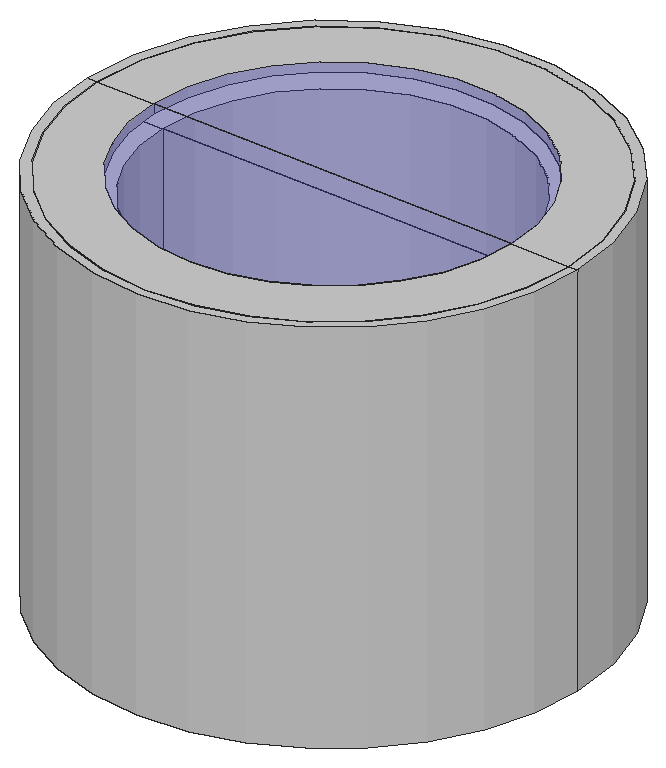
Revit family "77852_HOST_FACE", category Lighting Fixtures, host Face, Revit 2015 (continued)
Types (5): name | Wattage | built-in parameter 1150134 | Photometric Web File | built-in parameter 1150142 | Model | built-in parameter 1150105 | Lumens | Lamp | built-in parameter 1150107 | built-in parameter 1150106 | Description | Default Elevation
    5 1.47 1.59 1.71 1.83 1.95 2.09 2.23 2.49 2.78 3.49 4.25 5.08 5.91 6.79 7.67 8.61 9.55 10.53 11.51 12.51 13.51 14.53 15.54 16.57 17.58 18.60 19.61 20.61 21.60 22.74 23.74 24.65 25.58 26.46 27.35 28.22 28.91 29.65 30.37 31.07 31.74 32.33 \r\n32.90 33.42 33.90 34.34 34.75 35.10 35.41 35.63 35.82 35.96 36.07 36.11 36.12 36.05 35.98 35.91 35.84 35.71 35.54 35.27 34.98 34.63 34.28 33.90 33.52 33.12 32.00\r\n0.99 1.14 1.29 1.44 1.59 1.74 1.89 2.04 2.19 2.35 2.71 3.36 4.04 4.85 5.71 6.63 7.56 8.52 9.49 10.52 11.56 12.61 13.74 14.93 16.11 17.29 18.45 19.62 20.77 21.90 23.01 24.10 25.15 26.24 27.30 28.20 29.06 29.95 30.80 31.59 32.34 33.04 33.71 34.35 34.94 \r\n35.46 35.94 36.35 36.73 37.04 37.32 37.58 37.81 37.95 38.05 38.10 38.10 38.03 37.92 37.74 37.53 37.23 36.90 36.60 36.33 35.96 35.58 35.13 34.68 34.21 33.72 33.22 32.00\r\n0.99 1.17 1.35 1.53 1.71 1.89 2.07 2.24 2.48 3.13 3.78 4.52 5.30 6.20 7.15 8.16 9.18 10.26 11.52 12.80 14.09 15.38 16.65 17.92 19.17 20.43 21.68 22.93 24.16 25.36 26.52 27.65 28.75 29.86 31.02 31.79 32.54 33.47 34.39 35.09 35.82 36.49 37.13 37.73 38.27 \r\n38.73 39.14 39.49 39.79 40.02 40.20 40.34 40.42 40.42 40.36 40.24 40.12 39.95 39.72 39.43 39.09 38.68 38.22 37.71 37.15 36.65 36.17 35.63 35.08 34.50 33.92 33.32 32.00\r\n0.99 1.20 1.40 1.61 1.83 2.03 2.24 2.59 3.34 4.09 4.84 5.67 6.55 7.52 8.65 9.87 11.27 12.68 14.03 15.39 16.78 18.15 19.53 20.89 22.22 23.56 24.91 26.24 27.53 28.79 30.00 31.18 32.30 33.42 34.48 35.40 36.26 37.13 37.96 38.73 39.44 40.08 40.67 41.21 41.68 \r\n42.06 42.39 42.65 42.85 43.00 43.08 43.12 43.09 43.00 42.83 42.60 42.30 41.93 41.60 41.12 40.66 40.12 39.54 38.89 38.19 37.40 36.75 36.12 35.47 34.80 34.12 33.42 32.00\r\n0.99 1.23 1.46 1.70 1.94 2.18 2.47 3.33 4.18 5.03 5.89 6.80 7.77 9.04 10.46 11.90 13.50 15.08 16.52 17.94 19.44 20.92 22.42 23.88 25.30 26.72 28.15 29.54 30.89 32.20 33.47 34.69 35.85 36.97 38.14 39.05 39.97 40.85 41.74 42.39 43.09 43.69 44.24 44.74 45.14\r\n 45.46 45.70 45.88 45.99 46.04 46.02 45.93 45.77 45.58 45.29 44.94 44.52 44.03 43.48 42.87 42.21 41.56 40.84 40.07 39.23 38.31 37.36 36.60 35.86 35.09 34.31 33.51 32.00\r\n0.99 1.26 1.52 1.78 2.05 2.32 3.10 4.06 5.01 5.96 6.92 7.98 9.38 10.79 12.33 13.87 15.66 17.48 18.98 20.51 22.13 23.70 25.29 26.84 28.36 29.85 31.35 32.79 34.18 35.53 36.83 38.06 39.23 40.36 41.44 42.48 43.46 44.31 45.09 45.83 46.49 47.07 47.60 48.09 \r\n48.47 48.76 48.98 49.11 49.13 49.09 48.98 48.81 48.52 48.19 47.76 47.31 46.72 46.12 45.43 44.70 43.87 43.00 42.13 41.23 40.26 39.21 38.13 37.08 36.24 35.38 34.50 33.61 32.00\r\n0.99 1.28 1.57 1.87 2.17 2.65 3.71 4.78 5.83 6.88 8.05 9.48 11.01 12.51 14.17 15.93 17.80 19.71 21.41 23.07 24.78 26.45 28.13 29.76 31.36 32.91 34.47 35.96 37.41 38.80 40.14 41.40 42.59 43.74 44.85 45.96 46.95 47.82 48.55 49.24 49.86 50.40 50.89 51.33 \r\n51.64 51.86 52.02 52.11 52.10 52.04 51.91 51.67 51.26 50.79 50.24 49.63 48.93 48.32 47.37 46.51 45.54 44.53 43.43 42.38 41.27 40.10 38.89 37.63 36.62 35.66 34.69 33.70 32.00\r\n0.99 1.31 1.63 1.95 2.27 3.15 4.32 5.48 6.63 7.84 9.41 10.96 12.61 14.24 16.05 17.96 19.98 21.94 23.78 25.74 27.40 29.17 30.93 32.64 34.32 35.95 37.56 39.08 40.55 41.95 43.31 44.60 45.81 46.98 48.10 49.15 50.12 50.95 51.70 52.39 53.00 53.53 54.00 54.43 \r\n54.72 54.93 55.07 55.09 54.98 54.81 54.58 54.28 53.87 53.51 52.69 51.95 51.13 50.25 49.29 48.28 47.18 46.04 44.80 43.54 42.26 40.97 39.63 38.25 36.98 35.93 34.87 33.79 32.00\r\n0.99 1.34 1.68 2.03 2.38 3.64 4.91 6.17 7.42 9.05 10.75 12.43 14.18 16.04 18.04 20.09 22.15 24.17 26.11 28.06 29.96 31.85 33.69 35.58 37.18 38.82 40.43 42.00 43.52 44.97 46.39 47.73 48.99 50.19 51.34 52.41 53.29 54.14 54.84 55.51 56.09 56.59 57.02 57.38 \r\n57.60 57.76 57.85 57.86 57.76 57.65 57.24 56.81 56.30 55.70 55.04 54.25 53.31 52.29 51.20 50.04 48.81 47.52 46.15 44.74 43.24 41.83 40.36 38.86 37.36 36.20 35.05 33.88 32.00\r\n0.99 1.36 1.73 2.10 2.75 4.12 5.49 6.84 8.41 10.23 12.05 13.86 15.81 17.90 19.99 22.17 24.29 26.37 28.42 30.48 32.48 34.45 36.29 38.10 39.85 41.57 43.25 44.89 46.45 47.92 49.34 50.69 51.94 53.14 54.28 55.30 56.22 57.03 57.77 58.44 59.01 59.50 59.91 60.24 \r\n60.46 60.57 60.59 60.50 60.33 60.06 59.73 59.30 58.71 58.00 57.23 56.36 55.43 54.29 53.08 51.77 50.41 48.97 47.47 45.91 44.26 42.67 41.07 39.46 37.81 36.47 35.23 33.97 32.00\r\n0.99 1.39 1.78 2.18 3.12 4.59 6.05 7.57 9.44 11.38 13.32 15.33 17.49 19.72 21.91 24.17 26.33 28.52 30.69 32.85 34.85 36.84 38.76 40.65 42.48 44.26 45.96 47.63 49.22 50.75 52.19 53.55 54.83 56.04 57.20 58.27 59.14 60.00 60.69 61.35 61.89 62.33 62.71 62.98 \r\n63.13 63.21 63.20 63.09 62.89 62.51 62.07 61.53 60.94 60.28 59.39 58.40 57.35 56.21 54.93 53.48 52.00 50.40 48.77 47.06 45.28 43.56 41.77 40.04 38.27 36.73 35.40 34.06 32.00\r\n0.99 1.41 1.83 2.25 3.49 5.04 6.59 8.34 10.43 12.50 14.69 16.86 19.14 21.49 23.78 26.05 28.32 30.60 32.86 35.01 37.12 39.18 41.32 43.13 45.01 46.84 48.60 50.33 51.97 53.51 54.94 56.29 57.57 58.77 59.95 60.98 61.89 62.69 63.41 64.05 64.57 65.00 65.38 65.65\r\n 65.80 65.81 65.73 65.53 65.25 64.87 64.48 63.75 63.06 62.31 61.45 60.42 59.23 57.98 56.66 55.16 53.53 51.80 50.16 48.17 46.27 44.33 42.44 40.60 38.72 36.98 35.56 34.14 32.00\r\n0.99 1.44 1.88 2.32 3.84 5.48 7.12 9.18 11.40 13.59 15.90 18.34 20.76 23.19 25.54 27.87 30.27 32.56 34.88 37.12 39.33 41.45 43.51 45.52 47.49 49.39 51.17 52.87 54.51 56.08 57.56 58.94 60.24 61.46 62.68 63.78 64.63 65.47 66.10 66.70 67.18 67.57 67.88 68.09\r\n 68.19 68.22 68.15 67.95 67.57 67.11 66.53 65.89 65.17 64.32 63.33 62.31 61.07 59.70 58.25 56.77 55.02 53.16 51.26 49.26 47.24 45.16 43.10 41.14 39.16 37.22 35.72 34.22 32.00\r\n0.99 1.46 1.93 2.43 4.17 5.91 7.65 10.00 12.33 14.66 17.21 19.78 22.33 24.77 27.24 29.67 32.11 34.48 36.86 39.20 41.43 43.60 45.75 47.87 49.85 51.73 53.57 55.32 57.01 58.61 60.06 61.42 62.70 63.90 65.05 66.07 66.96 67.75 68.45 69.06 69.56 69.96 70.29 \r\n70.50 70.56 70.50 70.35 70.11 69.77 69.32 68.65 67.91 67.14 66.28 65.19 64.02 62.78 61.38 59.81 58.21 56.47 54.49 52.43 50.33 48.17 45.96 43.74 41.67 39.58 37.47 35.88 34.30 32.00\r\n0.99 1.48 1.97 2.68 4.50 6.31 8.32 10.78 13.22 15.77 18.48 21.16 23.80 26.33 28.89 31.41 33.86 36.35 38.78 41.14 43.43 45.71 47.89 50.01 52.04 54.02 55.92 57.63 59.27 60.83 62.32 63.74 65.07 66.28 67.40 68.46 69.29 70.13 70.77 71.35 71.83 72.20 72.46 \r\n72.61 72.68 72.66 72.54 72.21 71.79 71.28 70.69 69.89 69.02 68.04 67.01 65.70 64.36 62.93 61.31 59.58 57.76 55.77 53.57 51.33 49.06 46.74 44.40 42.17 39.98 37.77 36.03 34.37 32.00\r\n0.99 1.50 2.01 2.91 4.81 6.70 8.96 11.53 14.08 16.87 19.70 22.66 25.18 27.84 30.47 33.04 35.57 38.14 40.58 43.00 45.40 47.70 49.92 52.10 54.19 56.14 57.96 59.72 61.41 63.03 64.53 65.93 67.23 68.42 69.52 70.51 71.42 72.19 72.86 73.43 73.92 74.30 74.57 \r\n74.69 74.71 74.62 74.44 74.17 73.78 73.18 72.50 71.73 70.83 69.75 68.60 67.35 65.89 64.35 62.77 60.90 58.98 57.12 54.66 52.32 49.91 47.48 45.04 42.66 40.37 38.06 36.17 34.44 32.00\r\n0.99 1.52 2.05 3.13 5.11 7.08 9.58 12.24 14.94 17.92 20.87 23.74 26.51 29.28 31.95 34.60 37.24 39.78 42.31 44.79 47.24 49.59 51.90 54.10 56.12 58.07 59.95 61.77 63.45 65.05 66.56 67.97 69.28 70.50 71.60 72.66 73.55 74.34 74.92 75.45 75.90 76.23 76.44 \r\n76.56 76.61 76.54 76.28 75.94 75.51 75.04 74.26 73.40 72.47 71.44 70.14 68.81 67.36 65.73 64.03 62.18 60.15 58.04 55.72 53.26 50.73 48.20 45.65 43.12 40.74 38.34 36.30 34.51 32.00\r\n0.99 1.54 2.09 3.35 5.39 7.43 10.16 12.92 15.82 18.91 21.98 24.91 27.79 30.64 33.38 36.09 38.80 41.38 43.97 46.51 48.98 51.42 53.74 55.87 57.95 59.97 61.85 63.65 65.39 67.03 68.57 69.90 71.14 72.30 73.37 74.34 75.24 75.98 76.62 77.17 77.64 78.02 78.31 \r\n78.38 78.35 78.20 77.99 77.69 77.18 76.58 75.90 75.01 74.00 72.91 71.63 70.19 68.71 67.06 65.23 63.38 61.26 59.04 56.72 54.14 51.51 48.87 46.22 43.56 41.09 38.60 36.43 34.57 32.00\r\n0.99 1.56 2.13 3.55 5.66 7.84 10.71 13.57 16.65 19.86 23.02 26.03 29.01 31.90 34.74 37.68 40.24 42.93 45.54 48.12 50.66 53.12 55.37 57.58 59.71 61.72 63.64 65.50 67.24 68.75 70.19 71.55 72.83 74.02 75.10 76.12 76.92 77.71 78.29 78.80 79.21 79.54 79.78 \r\n79.94 80.00 79.84 79.55 79.19 78.77 78.08 77.32 76.49 75.46 74.25 73.01 71.51 69.94 68.40 66.38 64.44 62.30 59.98 57.64 54.98 52.26 49.52 46.77 44.00 41.42 38.84 36.55 34.63 32.00\r\n0.99 1.58 2.16 3.74 5.91 8.27 11.23 14.17 17.44 20.75 23.97 27.08 30.26 33.10 36.03 38.89 41.65 44.41 47.05 49.65 52.26 54.60 56.95 59.20 61.33 63.39 65.39 67.12 68.74 70.29 71.79 73.15 74.39 75.53 76.56 77.51 78.32 79.05 79.68 80.20 80.64 80.99 81.22 \r\n81.31 81.31 81.22 81.06 80.61 80.09 79.50 78.68 77.79 76.80 75.55 74.20 72.77 71.09 69.36 67.47 65.41 63.36 60.88 58.43 55.77 52.96 50.12 47.28 44.43 41.73 39.08 36.67 34.69 32.00\r\n0.99 1.59 2.19 3.91 6.14 8.68 11.71 14.76 18.17 21.58 24.86 28.07 31.21 34.24 37.25 40.14 43.00 45.76 48.47 51.15 53.64 56.08 58.44 60.68 62.86 64.98 66.80 68.54 70.23 71.77 73.20 74.56 75.80 76.96 77.98 79.01 79.72 80.49 81.03 81.51 81.91 82.21 82.42 \r\n82.57 82.59 82.43 82.21 81.95 81.38 80.69 79.97 78.98 77.93 76.78 75.34 73.86 72.17 70.37 68.49 66.32 64.13 61.73 59.18 56.52 53.61 50.69 47.76 44.83 42.03 39.29 36.77 34.74 32.00\r\n0.99 1.61 2.22 4.08 6.36 9.05 12.16 15.36 18.86 22.35 25.68 28.98 32.18 35.30 38.36 41.31 44.26 47.05 49.79 52.47 54.99 57.48 59.81 62.09 64.30 66.25 68.13 69.94 71.57 73.11 74.56 75.95 77.08 78.13 79.07 80.00 80.75 81.43 82.03 82.54 83.01 83.40 83.56 \r\n83.64 83.64 83.58 83.30 82.97 82.56 81.82 81.02 80.13 78.99 77.81 76.42 74.83 73.19 71.30 69.34 67.17 64.92 62.50 59.87 57.21 54.22 51.21 48.21 45.20 42.30 39.49 36.87 34.79 32.00\r\n0.99 1.62 2.25 4.23 6.56 9.39 12.58 15.91 19.49 23.05 26.44 29.83 33.07 36.27 39.37 42.41 45.39 48.24 51.08 53.66 56.26 58.74 61.10 63.45 65.49 67.49 69.42 71.13 72.82 74.43 75.75 76.97 78.12 79.17 80.11 81.03 81.78 82.41 82.96 83.43 83.84 84.17 84.46 \r\n84.66 84.59 84.46 84.32 83.94 83.45 82.89 82.01 81.08 79.99 78.74 77.41 75.75 74.06 72.15 70.12 67.98 65.62 63.21 60.52 57.81 54.78 51.70 48.62 45.54 42.54 39.68 36.96 34.84 32.00\r\n0.99 1.63 2.28 4.37 6.75 9.71 12.96 16.41 20.06 23.66 27.13 30.58 33.89 37.17 40.30 43.41 46.42 49.35 52.17 54.82 57.44 59.91 62.33 64.55 66.63 68.68 70.53 72.31 73.99 75.40 76.73 77.98 79.10 80.03 80.90 81.73 82.44 83.06 83.62 84.13 84.59 84.90 85.18 \r\n85.32 85.45 85.30 85.09 84.85 84.29 83.69 82.92 81.93 80.92 79.57 78.21 76.59 74.82 72.93 70.85 68.68 66.26 63.83 61.11 58.33 55.30 52.15 49.00 45.85 42.77 39.85 37.05 34.88 32.00\r\n0.99 1.65 2.30 4.49 6.91 9.99 13.30 16.85 20.58 24.22 27.76 31.25 34.62 37.96 41.15 44.32 47.36 50.37 53.16 55.88 58.50 61.00 63.44 65.59 67.71 69.68 71.57 73.39 74.87 76.30 77.66 78.77 79.81 80.77 81.62 82.42 83.10 83.69 84.20 84.68 85.06 85.44 85.79 \r\n85.92 85.99 86.02 85.78 85.48 85.07 84.39 83.70 82.70 81.60 80.34 78.90 77.34 75.51 73.65 71.47 69.28 66.84 64.37 61.64 58.80 55.76 52.55 49.34 46.13 42.97 40.00 37.12 34.92 32.00\r\n0.99 1.66 2.32 4.60 7.06 10.24 13.60 17.25 21.04 24.72 28.33 31.85 35.28 38.65 41.90 45.11 48.21 51.28 54.07 56.84 59.44 62.01 64.35 66.55 68.67 70.62 72.57 74.17 75.72 77.13 78.34 79.47 80.58 81.39 82.15 82.88 83.50 84.07 84.58 85.08 85.52 85.84 86.13 \r\n86.41 86.47 86.46 86.40 86.04 85.64 85.02 84.27 83.38 82.23 80.99 79.50 77.99 76.12 74.21 72.04 69.80 67.37 64.83 62.11 59.22 56.17 52.91 49.64 46.37 43.16 40.14 37.19 34.95 32.00\r\n0.99 1.66 2.34 4.70 7.18 10.46 13.86 17.60 21.43 25.15 28.82 32.37 35.86 39.25 42.56 45.80 48.95 52.01 54.85 57.66 60.30 62.92 65.17 67.43 69.50 71.51 73.33 74.94 76.49 77.78 79.02 80.12 81.02 81.87 82.64 83.32 83.90 84.42 84.88 85.34 85.74 86.15 86.43 \r\n86.66 86.88 86.84 86.77 86.52 86.08 85.56 84.78 83.96 82.75 81.52 80.03 78.47 76.64 74.69 72.55 70.25 67.82 65.24 62.52 59.58 56.53 53.22 49.90 46.59 43.31 40.25 37.25 34.98 32.00\r\n0.99 1.67 2.35 4.78 7.29 10.65 14.09 17.90 21.78 25.52 29.24 32.81 36.35 39.77 43.13 46.38 49.57 52.62 55.53 58.34 61.03 63.60 65.92 68.17 70.26 72.33 73.98 75.66 77.09 78.40 79.61 80.59 81.52 82.34 83.00 83.61 84.15 84.63 85.08 85.53 85.92 86.27 86.63 \r\n86.87 87.06 87.16 87.05 86.92 86.45 85.96 85.18 84.32 83.19 81.92 80.47 78.88 77.10 75.10 72.97 70.64 68.21 65.59 62.87 59.90 56.84 53.48 50.12 46.77 43.45 40.35 37.30 35.00 32.00\r\n0.99 1.68 2.39 4.84 7.38 10.80 14.27 18.15 22.06 25.83 29.58 33.18 36.75 40.19 43.59 46.87 50.11 53.14 56.08 58.91 61.66 64.19 66.55 68.80 70.93 72.90 74.62 76.24 77.62 79.03 80.04 81.08 81.93 82.66 83.33 83.88 84.39 84.81 85.21 85.61 86.00 86.36 86.68 \r\n87.02 87.18 87.33 87.26 87.11 86.73 86.22 85.50 84.62 83.56 82.26 80.85 79.21 77.45 75.42 73.31 70.96 68.54 65.89 63.16 60.15 57.09 53.70 50.31 46.93 43.56 40.44 37.41 35.02 32.00\r\n0.99 1.68 2.39 4.90 7.54 10.92 14.41 18.34 22.28 26.07 29.85 33.46 37.06 40.52 43.96 47.26 50.53 53.55 56.53 59.36 62.15 64.65 67.04 69.29 71.47 73.36 75.11 76.68 78.11 79.37 80.44 81.44 82.26 83.01 83.59 84.05 84.46 84.84 85.24 85.63 85.99 86.38 86.68 \r\n87.01 87.24 87.40 87.41 87.25 86.95 86.39 85.74 84.85 83.85 82.52 81.13 79.46 77.73 75.68 73.59 71.21 68.79 66.10 63.38 60.35 57.28 53.87 50.45 47.05 43.75 40.50 37.41 35.04 32.00\r\n0.99 1.69 2.39 4.93 7.54 11.00 14.60 18.48 22.57 26.24 30.03 33.67 37.29 40.76 44.22 47.53 50.83 53.85 56.85 59.68 62.50 64.97 67.40 69.65 71.87 73.72 75.50 77.01 78.47 79.66 80.77 81.72 82.55 83.26 83.78 84.24 84.53 84.83 85.17 85.57 85.94 86.30 86.66 \r\n87.00 87.28 87.42 87.49 87.32 87.09 86.53 85.91 85.00 84.04 82.71 81.34 79.65 77.94 75.87 73.78 71.38 68.96 66.26 63.54 60.49 57.53 53.99 50.64 47.13 43.76 40.55 37.41 35.05 32.00\r\n0.99 1.69 2.39 4.96 7.54 11.05 14.60 18.56 22.58 26.35 30.18 33.79 37.48 40.90 44.42 47.70 51.08 54.04 57.12 59.88 62.77 65.17 67.70 69.86 72.17 73.90 75.70 77.20 78.68 79.85 80.99 81.89 82.77 83.41 83.99 84.24 84.45 84.73 85.05 85.45 85.88 86.26 86.64 \r\n86.97 87.29 87.44 87.57 87.39 87.21 86.61 86.06 85.10 84.20 82.82 81.50 79.77 78.11 75.99 73.93 71.48 69.10 66.35 63.67 60.57 57.54 54.07 50.64 47.19 43.76 40.57 37.41 35.06 32.00\r\n0.99 1.69 2.39 4.97 7.54 11.07 14.60 18.59 22.58 26.38 30.18 33.83 37.48 40.95 44.41 47.75 51.09 54.11 57.13 59.94 62.75 65.23 67.70 69.92 72.13 73.96 75.78 77.27 78.75 79.91 81.07 81.96 82.84 83.46 84.07 84.22 84.36 84.66 84.96 85.40 85.84 86.25 86.66 \r\n86.97 87.28 87.42 87.55 87.38 87.21 86.65 86.08 85.15 84.21 82.86 81.51 79.83 78.14 76.04 73.94 71.52 69.10 66.39 63.67 60.61 57.54 54.10 50.65 47.21 43.76 40.59 37.41 35.06 32.00\r\n" | "33 508" | 31.513 (stored number, unit not read) | 396 lm | "8.4W LED" | 3000 (stored number, unit not read) | 0.31513 (stored number, unit not read) | "LED ceiling and wall luminaires - impact resistant" | 6' - 0"
  In-ground Luminaires | 10.327 W | (empty or 0) | "77852-0deg.ies" | "IESNA:LM-63-1995\r\n[TEST] \r\n[MANUFAC] BEGA\r\n[MORE] Converted by LUMCat V \r\n[MORE] 13.08.2015 / H.R.\r\n[LUMCAT] \r\n[LUMINAIRE] 77852 0°\r\n[LAMPCAT] LED  29W\r\n[LAMPCAT] LED  29W    1515 lm,   34 W\r\n[LAMP] LED  29W\r\nTILT=NONE\r\n1 -1 1 73 1 1 2 -0.245 0 0\r\n1 1 34\r\n0 2.5 5 7.5 10 12.5 15 17.5 20 22.5 25 27.5 30 32.5 35 37.5 40 42.5 45 47.5 50 52.5 55 57.5 60 62.5 65 67.5 70 72.5 75 77.5 80 82.5\r\n 85 87.5 90 92.5 95 97.5 100 102.5 105 107.5 110 112.5 115 117.5 120 122.5 125 127.5 130 132.5 135 137.5 140 142.5 145 147.5 150 \r\n152.5 155 157.5 160 162.5 165 167.5 170 172.5 175 177.5 180\r\n0\r\n0.00 0.00 0.00 0.00 0.00 0.00 0.00 0.00 0.00 0.00 0.00 0.00 0.00 0.00 0.00 0.00 0.00 0.00 0.00 0.00 0.00 0.00 0.00 0.00 0.00 0.00 \r\n0.00 0.00 0.00 0.00 0.00 0.00 0.10 0.10 0.10 0.10 0.20 0.20 0.20 0.20 0.20 0.20 0.20 0.20 0.30 0.20 0.30 0.30 0.30 0.30 0.30 0.40 \r\n0.60 1.10 2.60 5.80 10.60 16.90 26.40 42.80 71.30 124.80 218.10 451.90 999.30 1638.60 2331.90 3273.90 4563.50 6313.90 8737.20 \r\n11572.50 13122.30\r\n" | "77852" | 122.07 (stored number, unit not read) | 1534 lm | "29.0W LED" | 3000 (stored number, unit not read) | 1.2207 (stored number, unit not read) | "In-grade adjustable w/ clear glass for high pressure loads" | 0' - 0"
